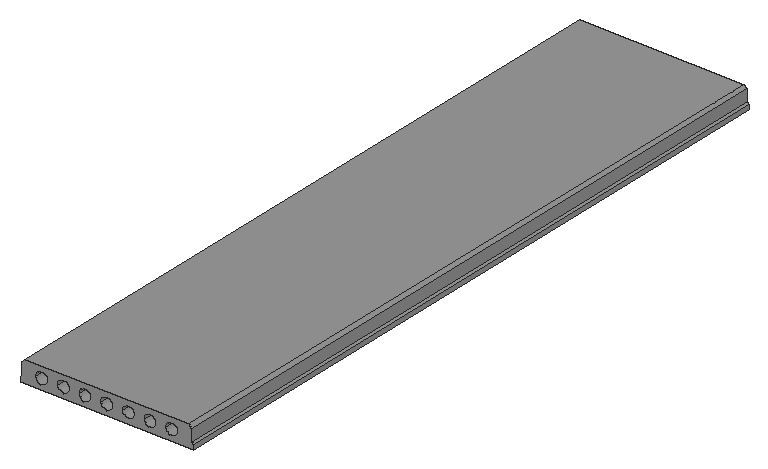
Revit family "Laje_Alveolar_15", category Structural Framing, Revit 2025
Family settings
  Structural Framing Length Roundoff = 0.000 m
  Section Shape = Not Defined
  Material for Model Behavior = Other
  Always export as geometry = No
  Work Plane-Based = No
  Always vertical = Yes
  Cut with Voids When Loaded = No
  Symbolic Representation = From Family
  Shared = No
  Show family pre-cut in plan views = Yes
Parameters (values of type "Laje_alv_15")
  Structural Material [instance] = Concrete, Precast
  Laje_alv_Vao [instance] = 5.000 m
  Laje_alv_Raio = Laje_alv_Altura / 3.5  # 0.042857 m
  Laje_alv_Largura = 1.250 m
  Laje_alv_Altura = 0.150 m
Types (3, lengths in m): name | Laje_alv_Raio | Laje_alv_Altura
  Laje_alv_25 | 0.071429 | 0.250
  Laje_alv_15 | 0.042857 | 0.150
  Laje_alv_20 | 0.057143 | 0.200
Reference planes (m)
  plane 1 "Center (Front/Back)": y = 0
  plane 2: z = 0
  plane 3 "Center (Left/Right)": x = 0
  plane 4: z = -0.15
  plane 5: x = 1.25
  plane 6: z = -0.075
  plane 7: x = 0.15625
  plane 8: x = 0.3125
  plane 9: x = 0.46875
  plane 10: x = 0.625
  plane 11: x = 0.78125
  plane 12: x = 0.9375
  plane 13: x = 1.09375
  plane 14: y = 5
Forms (m)
  Extrusion 1, solid, material "Concrete, Precast" <- "Structural Material"
    sketch origin (0, 0, 0) x (1, 0, 0) y (0, 0, 1)
      loop
        line (0.035, 0) -> (0.014142, -0.020858) -> (0.014142, -0.105858) -> (0, -0.12) -> (0, -0.15) -> (1.25, -0.15) -> (1.25, -0.12) -> (1.235858, -0.105858) -> (1.235858, -0.020858) -> (1.215, 0) -> (0.035, 0)
      loop
        circle (0.15625, -0.075) r 0.042857
      loop
        circle (0.3125, -0.075) r 0.042857
      loop
        circle (0.46875, -0.075) r 0.042857
      loop
        circle (0.625, -0.075) r 0.042857
      loop
        circle (0.78125, -0.075) r 0.042857
      loop
        circle (0.9375, -0.075) r 0.042857
      loop
        circle (1.09375, -0.075) r 0.042857
    from 0 to -5
Dimensions and locks (m)
  "Laje_alv_Altura": plane 2 to plane 4
  "Laje_alv_Largura": plane 5 to plane 3 "Center (Left/Right)"
  "Laje_alv_Vao": plane 14 to plane 1 "Center (Front/Back)"
  equal spacing: level, plane 6, plane 4
  "Laje_alv_Raio": radius of Extrusion 1 sketch curve  (x7)
  aligned and locked: level to plane 2
  aligned and locked: Extrusion 1 sketch curve to plane 2
  aligned and locked: Extrusion 1 sketch curve to plane 3 "Center (Left/Right)"
  aligned and locked: plane 4 to Extrusion 1 sketch curve
  aligned and locked: plane 14 to Extrusion 1
Automatic sketch dimensions
  Extrusion 1 sketch curve to plane 6 = 0.000 m  (x7)
  Extrusion 1 sketch curve to plane 7 = 0.000 m
  Extrusion 1 sketch curve to plane 8 = 0.000 m
  Extrusion 1 sketch curve to plane 9 = 0.000 m
  Extrusion 1 sketch curve to plane 10 = 0.000 m
  Extrusion 1 sketch curve to plane 11 = 0.000 m
  Extrusion 1 sketch curve to plane 12 = 0.000 m
  Extrusion 1 sketch curve to plane 13 = 0.000 m
  Extrusion 1 sketch curve to plane 5 = 0.000 m
  plane 3 "Center (Left/Right)" to Extrusion 1 sketch curve = 0.014142 m
  Extrusion 1 sketch curve to Extrusion 1 sketch curve = 0.020858 m
  Extrusion 1 sketch curve to plane 5 = 0.035 m
  Extrusion 1 sketch curve to plane 5 = 0.014142 m
  Extrusion 1 sketch curve to Extrusion 1 sketch curve = 0.030 m  (x2)
  Extrusion 1 sketch curve to Extrusion 1 sketch curve = 0.014142 m  (x2)
  Extrusion 1 sketch curve to level = 0.020858 m  (x2)
